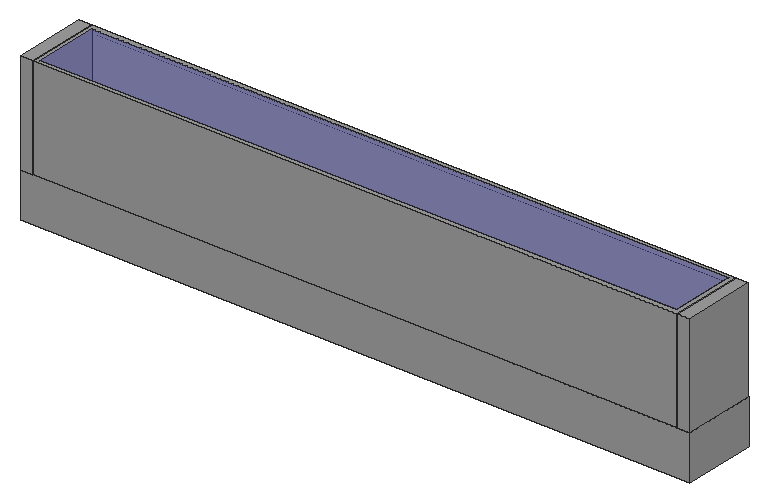
Revit family "84377_HOST_FACE", category Lighting Fixtures, host Face, Revit 2015
Parameters (values of type "Facade floodlight")
  Wattage = 7.92369 W
  built-in parameter 1150110 = 1 (stored number, unit not read)
  URL = "www.bega-us.com"
  built-in parameter 1114217 = 1 (stored number, unit not read)
  Tilt Angle = 90.00°
  built-in parameter 1150109 = 1 (stored number, unit not read)
  built-in parameter 1150134 = (empty or 0)
  Telephone = "805.684.0533"
  built-in parameter 1150113 = 1 (stored number, unit not read)
  Photometric Web File = "84377K27.ies"
  Model = "84 378"
  Manufacturer = "BEGA-US"
  built-in parameter 1150105 = 93.663 (stored number, unit not read)
  Lumens = 1177 lm
  built-in parameter 1150115 = 1 (stored number, unit not read)
  built-in parameter 1150137 = (empty or 0)
  built-in parameter 1150139 = (empty or 0)
  built-in parameter 1150112 = 1 (stored number, unit not read)
  built-in parameter 1150114 = 1 (stored number, unit not read)
  Lamp = "12.8W LED"
  built-in parameter 1150132 = 2
  built-in parameter 1150102 = (empty or 0)
  built-in parameter 1150107 = 2700 (stored number, unit not read)
  built-in parameter 1150138 = (empty or 0)
  built-in parameter 1150106 = 0.93663 (stored number, unit not read)
  built-in parameter 1150104 = 13.8 (stored number, unit not read)
  Dimming Lamp Color Temperature Shift = <None>
  Description = "Facade floodlight - symmetric wide"
  Default Elevation = 0' - 0"
  Color Filter = 16777215
  built-in parameter 1114218 = 1 (stored number, unit not read)
  built-in parameter 1150133 = 10 (stored number, unit not read)
Types (5): name | Wattage | built-in parameter 1150134 | Photometric Web File | Model | built-in parameter 1150105 | Lumens | Lamp | built-in parameter 1150107 | built-in parameter 1150106 | Description | Default Elevation
  (no name) | 7.92369 W | (empty or 0) | "84377K27.ies" | "84 378" | 93.663 (stored number, unit not read) | 1177 lm | "12.8W LED" | 2700 (stored number, unit not read) | 0.93663 (stored number, unit not read) | "Facade floodlight - symmetric wide" | 0' - 0"
  Wall Luminaires - Directed Light | 18.4392 W | (empty or 0) | "generic" | "2260LED" | 217.96 (stored number, unit not read) | 2739 lm | "44.6W LED" | 3000 (stored number, unit not read) | 2.1796 (stored number, unit not read) | "Surface wall with cutoff optics" | 6' - 0"
  Wall Luminaires - Linear | 9.92985 W | 9 | "generic" | "4425P" | 117.38 (stored number, unit not read) | 1475 lm | "(1) 39W CF twin-4-p" | 3450 (stored number, unit not read) | 1.1738 (stored number, unit not read) | "Suface wall - linear with white acrylic diffuser" | 6' - 0"
  Ceiling and Wall Luminaires - Unshielded | 2.66591 W | (empty or 0) | "33508.ies" | "33 508" | 31.513 (stored number, unit not read) | 396 lm | "8.4W LED" | 3000 (stored number, unit not read) | 0.31513 (stored number, unit not read) | "LED ceiling and wall luminaires - impact resistant" | 6' - 0"
  Facade floodlight | 7.92369 W | (empty or 0) | "84377K27.ies" | "84 378" | 93.663 (stored number, unit not read) | 1177 lm | "12.8W LED" | 2700 (stored number, unit not read) | 0.93663 (stored number, unit not read) | "Facade floodlight - symmetric wide" | 0' - 0"
Reference planes (in)
  plane 1 "Center (Front/Back)": y = 0
  plane 2: z = 0
  plane 3 "Center (Left/Right)": x = 0
Dimensions and locks (in)
  aligned and locked: plane 2 to host face
  aligned and locked: level to host face
Nested families (in)
  nested 1: "77152" at (0, 0, 0), type "77152"
Connectors (in)
  electrical at (0, 0, 0)
    settings: on host face, index 1, voltage 0 V, apparent load 0 VA, apparent load phase1 0 VA, apparent load phase2 0 VA, apparent load phase3 0 VA, power factor 1, load classification "Other", number of poles 1, system type 31, power factor state 1, is connector primary yes, connector utility no, sub classification motor no, connector description ""
Definition of nested family "77152"
  Reference planes (in)
    plane 1 "Center (Front/Back)": y = 0
    plane 2: z = 0
    plane 3 "Center (Left/Right)": x = 0
  Forms (in)
    Extrusion 1, solid
      sketch origin (0, 0, 0) x (1, 0, 0) y (0, 1, 0)
        loop
          line (10.25, 1.125) -> (-10.25, 1.125) -> (-10.25, -1.125) -> (10.25, -1.125) -> (10.25, 1.125)
      from 1.375 to 0
    Extrusion 2, solid
      sketch origin (0, 0, 0) x (1, 0, 0) y (0, 1, 0)
        loop
          line (-10.25, 1.125) -> (-10.25, -1.125) -> (-9.875, -1.125) -> (-9.875, 1.125) -> (-10.25, 1.125)
        loop
          line (10.25, 1.125) -> (9.875, 1.125) -> (9.875, -1.125) -> (10.25, -1.125) -> (10.25, 1.125)
      from 1.375 to 4.5
    Extrusion 3, solid
      sketch origin (0, 0, 0) x (1, 0, 0) y (0, 1, 0)
        loop
          line (-9.875, 1.125) -> (-9.875, -1.125) -> (9.875, -1.125) -> (9.875, 1.125) -> (-9.875, 1.125)
        loop
          line (-9.75, 1) -> (-9.75, -1) -> (9.75, -1) -> (9.75, 1) -> (-9.75, 1)
      from 1.375 to 4.5
    Extrusion 4, solid
      sketch origin (0, 0, 0) x (1, 0, 0) y (0, 1, 0)
        loop
          line (-9.75, 1) -> (-9.75, -1) -> (9.75, -1) -> (9.75, 1) -> (-9.75, 1)
      from 4.375 to 4.5
  Dimensions and locks (in)
    aligned and locked: plane 2 to level
